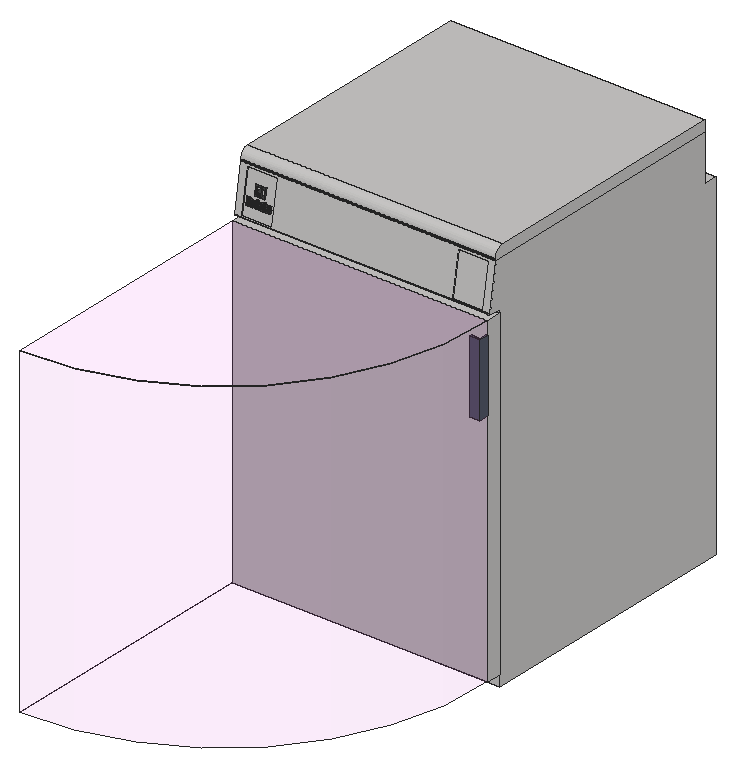
Revit family "QF_ELECTROLUXPROFESSIONAL_1LSNSP_TD6-10_G", category Attrezzature speciali, Revit 2021
Family settings
  Quota connettore circolare = Usa diametro
  Tipo di parte = Normale
  Basato su piano di lavoro = No
  Sempre verticale = Sì
  Taglio con vuoti quando caricato = No
  Condiviso = No
  Punto di calcolo locali = No
Parameters (values of type "9873530031")
  Weight = 99
  Watts = 400 W
  Volts = 230 V
  URL = "www.electroluxprofessional.com"
  Steam Pounds per Hour = 0
  Show Logo [instance] = yes
  Show Clearance [instance] = yes
  Sensible Heat Output = "0.0"
  Prospetto di default = 0 mm
  Produttore = "Electrolux Professional"
  Phase = 1
  Modello = "TD6-10"
  Length Actual = 720 mm
  Latent Heat Output = "0.0"
  Item Number = "1LA1CZ"
  Height Actual = 1115 mm
  Gas KW = 8
  Descrizione = "TUMBLE DRYER TD6-10 10KG GALVA.DRUM GAS GT 8KW 230/50/1N COMPASS PRO 6A81 2.I/O SILVER/SILVER DO.RIGHT ELS-NETW. PRE..."
  Depth Actual = 820 mm
  Cycle = 50 Hz
  Corrente [instance] = "1.9"
Types (4, lengths in mm): name | Weight | Item Number | Descrizione | Depth Actual
  (no name) | 99 | "1LA1CZ" | "TUMBLE DRYER TD6-10 10KG GALVA.DRUM GAS GT 8KW 230/50/1N COMPASS PRO 6A81 2.I/O SILVER/SILVER DO.RIGHT ELS-NETW. PRE..." | 820
  9873530020 | 101 | "1LA19E" | "TUMBLE DRYER TD6-10 10KG SST DRUM GAS 8KW 230/50/1N COMPASS PRO 6G81 SILVER/SILVER DO.RIGHT REVERSING RMC DISCON. EX..." | 805
  9873530021 | 99 | "1LSP3W" | "TUMBLE DRYER TD6-10 10KG GALVA.DRUM GAS 8KW 230/50/1N COMPASS PRO 6G81 SILVER/SILVER DO.RIGHT REVERSING RMC DISCON. ..." | 765
  9873530031 | 99 | "1LA1CZ" | "TUMBLE DRYER TD6-10 10KG GALVA.DRUM GAS GT 8KW 230/50/1N COMPASS PRO 6A81 2.I/O SILVER/SILVER DO.RIGHT ELS-NETW. PRE..." | 820
Reference planes
  plane 1 "Center X": y = 53.8
  plane 2: z = 0
  plane 3 "Centro (Sinistra/Destra)": x = -439
  plane 4 "BACK": y = 414.5
  plane 5 "LEFT": x = -799
  plane 6 "RIGHT": x = -79
  plane 7 "TOP": z = 1115
  plane 8: z = 544
  plane 9 "FRONT": y = -390.5
  plane 10: y = -1140.5
Forms (mm)
  Extrusion 1, solid, material "QF_Finishes_Stainless Steel"
    sketch origin (718.1, -398.1, 598.796) x (0, 0, -1) y (0, 1, 0)
      loop
        line (568.796, 812.6) -> (-356.204, 812.6) -> (-356.204, 50.485) -> (568.796, 50.485) -> (568.796, 812.6)
    from -1517.1 to -797.1
  Extrusion 2, solid, material "QF_Finishes_Stainless Steel"
    sketch origin (718.1, -398.1, 534.496) x (0, 0, -1) y (0, 1, 0)
      loop
        line (-550.504, 776.9) -> (-580.504, 776.9) -> (-580.504, 61.627)
        arc (-580.504, 61.627) -> (-573.182, 43.95) -> (-555.504, 36.627) r 25
        line (-555.504, 36.627) -> (-553.385, 36.627)
        arc (-553.385, 36.627) -> (-551.348, 37.471) -> (-550.504, 39.508) r 2.881
        line (-550.504, 39.508) -> (-550.504, 776.9)
    from -1517.1 to -797.1
  Extrusion 3, solid, material "QF_Finishes_Stainless Steel"
    sketch origin (653.591, 364.5, -144.635) x (0, 0, 1) y (1, 0, 0)
      loop
        circle (1079.611, -777.591) r 13.893
    from 14.3 to 50
  Extrusion 4, solid, material "QF_Finishes_Stainless Steel"
    sketch origin (591.705, 414.5, 23.818) x (0, 0, 1) y (1, 0, 0)
      loop
        circle (66.19, -1275.711) r 75
    from 0 to 5
  Extrusion 5, solid, material "QF_Finishes_Stainless Steel"
    sketch origin (-439, 0, 0) x (0, 1, 0) y (0, 0, 1)
      loop
        line (378.8, 955) -> (378.8, 1085) -> (-361.119, 1085) -> (-383.447, 958.374)
        arc (-383.447, 958.374) -> (-382.818, 956.027) -> (-380.615, 955) r 2.875
        line (-380.615, 955) -> (378.8, 955)
    from -360 to 360
  Extrusion 6, solid, material "QF_Finishes_Stainless Steel"
    sketch origin (0, 0, 1114.3) x (-1, 0, 0) y (0, -1, 0)
      loop
        line (799, -414.5) -> (799, 347.616) -> (79, 347.616) -> (79, -414.5) -> (799, -414.5)
    from -1114.3 to -1084.3
  Extrusion 7, solid, material "QF_Finishes_Stainless Steel"
    sketch origin (-439, -22.5, 0) x (0, 1, 0) y (0, 0, 1)
      loop
        line (-325.116, 946) -> (-368, 946) -> (-368, 30) -> (-325.116, 30) -> (-325.116, 946)
    from -360 to 360
  Extrusion 8, void
    sketch origin (-439, -390.5, 918.374) x (0, -0.173648, -0.984808) y (-1, 0, 0)
      loop
        line (-162.54, 340.421) -> (-162.54, 255.421) -> (-42.97, 255.421) -> (-42.97, 340.421) -> (-162.54, 340.421)
      loop
        line (-162.54, -340.421) -> (-42.97, -340.421) -> (-42.97, -255.421) -> (-162.54, -255.421) -> (-162.54, -340.421)
    from 0 to 1.6
  Extrusion 9, solid, material "QF_Finishes_Blue"
    sketch origin (0, -6.937, 234.875) x (1, 0, 0) y (0, 1, 0)
      loop
        line (-79, -383.563) -> (-84, -383.563) -> (-84, -405.022) -> (-106.5, -405.022) -> (-106.5, -410.022) -> (-79, -410.022) -> (-79, -383.563)
    from 469.719 to 673.137
  Extrusion 10, solid, material "QF_Finishes_Stainless Steel"
    sketch origin (718.1, 414.5, 69.6) x (0, 0, 1) y (1, 0, 0)
      loop
        circle (525.424, -877.1) r 13.893
    from 0 to 10
  Extrusion 11, solid, material "QF_Door-Drawer Clearances", visible <- "Show Clearance"
    sketch origin (0, -59.522, 0) x (1, 0, 0) y (0, 1, 0)
      loop
        line (-799, -330.978) -> (-799, -1080.978)
        arc (-799, -1080.978) -> (-274.863, -863.549) -> (-79, -330.978) r 707.588
        line (-79, -330.978) -> (-799, -330.978)
    from 30 to 946
Cuts and joins
  Extrusion 8 cuts Extrusion 1
  Extrusion 8 cuts Extrusion 5
  Extrusion 8 cuts Extrusion 6
  joined: Extrusion 1, Extrusion 5, Extrusion 6
Lines and regions (mm)
  Split face 1
    outline origin (-79, -361.119, 1085) x (-1, 0, 0) y (0, -0.173648, -0.984808)
      loop
        line (470, 13.377) -> (470, 124.524) -> (250, 124.524) -> (250, 13.377) -> (470, 13.377)
  symbolic lines
    curve 1: line (-79, 414.5, 1115) -> (-799, 414.5, 1115)
    curve 2: line (-799, -390.5, 1115) -> (-79, -390.5, 1115)
    curve 3: line (-79, 414.5, 0) -> (-79, -390.5, 0)
    curve 4: line (-799, 414.5, 0) -> (-799, -390.5, 0)
    curve 5: line (-84, -390.5, 0) -> (-84, -411.96, 0)
    curve 6: line (-79, -416.96, 0) -> (-79, -390.5, 0)
    curve 7: line (-106.5, -416.96, 0) -> (-79, -416.96, 0)
    curve 8: line (-106.5, -411.96, 0) -> (-106.5, -416.96, 0)
    curve 9: line (-84, -411.96, 0) -> (-106.5, -411.96, 0)
    curve 10: line (-79, 378.8, 0) -> (-799, 378.8, 0)
  symbolic lines, style "QF_Door-Drawer Clearances"
    curve 11: arc (-799, -1140.5, 0) -> (-274.863, -923.072, 0) -> (-79, -390.5, 0) r 707.588
    curve 12: line (-799, -390.5, 0) -> (-799, -1140.5, 0)
Dimensions and locks
  equal spacing: plane 5 "LEFT", plane 3 "Centro (Sinistra/Destra)", plane 6 "RIGHT"
  plane 5 "LEFT" to plane 6 "RIGHT" = 720 mm  (x2)
  plane 4 "BACK" to plane 1 "Center X" = 360.7 mm
  plane 7 "TOP" to level = 1115 mm  (x2)
  plane 4 "BACK" to plane 9 "FRONT" = 805 mm  (x2)
  plane 9 "FRONT" to plane 10 = 750 mm
  Extrusion 7 to cut or joined group of Extrusion 1, Extrusion 5, Extrusion 6, Extrusion 8 = 9 mm
  aligned and locked: level to plane 2
  aligned and locked: Extrusion 1 to plane 5 "LEFT"
  aligned and locked: plane 6 "RIGHT" to Extrusion 1
  aligned and locked: Extrusion 2 to plane 5 "LEFT"
  aligned and locked: plane 6 "RIGHT" to Extrusion 2
  aligned and locked: plane 6 "RIGHT" to Extrusion 5
  aligned and locked: Extrusion 5 to plane 5 "LEFT"
  aligned and locked: Extrusion 7 to plane 5 "LEFT"
  aligned and locked: plane 6 "RIGHT" to Extrusion 7
Automatic sketch dimensions
  level to Extrusion 4 sketch curve = 90.008 mm
  Extrusion 4 sketch curve to plane 3 "Centro (Sinistra/Destra)" = 245.005 mm
  Extrusion 1 sketch curve to plane 4 "BACK" = 0 mm
  Extrusion 1 sketch curve to plane 7 "TOP" = 160 mm
  level to Extrusion 1 sketch curve = 30 mm
  plane 9 "FRONT" to Extrusion 1 sketch curve = 42.884 mm
  Extrusion 2 sketch curve to plane 7 "TOP" = 0 mm
  Extrusion 2 sketch curve to plane 7 "TOP" = 25 mm
  Extrusion 2 sketch curve to Extrusion 2 sketch curve = 2.119 mm
  Extrusion 2 sketch curve to Extrusion 2 sketch curve = 2.881 mm
  plane 9 "FRONT" to Extrusion 2 sketch curve = 29.027 mm
  Extrusion 2 sketch curve to plane 4 "BACK" = 35.7 mm
  Extrusion 3 sketch curve to plane 6 "RIGHT" = 45 mm
  Extrusion 3 sketch curve to plane 7 "TOP" = 180.024 mm
  plane 9 "FRONT" to Extrusion 5 sketch curve = 7.053 mm
  plane 9 "FRONT" to Extrusion 5 sketch curve = 9.885 mm
  plane 9 "FRONT" to Extrusion 5 sketch curve = 29.381 mm
  Extrusion 5 sketch curve to plane 4 "BACK" = 35.7 mm
  Extrusion 5 sketch curve to plane 7 "TOP" = 160 mm
  Extrusion 5 sketch curve to Extrusion 5 sketch curve = 2.875 mm
  Extrusion 5 sketch curve to plane 7 "TOP" = 30 mm
  Extrusion 6 sketch curve to plane 4 "BACK" = 0 mm
  Extrusion 6 sketch curve to plane 6 "RIGHT" = 0 mm
  Extrusion 6 sketch curve to plane 5 "LEFT" = 0 mm
  plane 9 "FRONT" to Extrusion 6 sketch curve = 42.884 mm
  plane 9 "FRONT" to Extrusion 7 sketch curve = 0 mm
  Extrusion 7 sketch curve to Extrusion 7 sketch curve = 42.884 mm
  level to Extrusion 7 sketch curve = 30 mm
  Extrusion 7 sketch curve to plane 7 "TOP" = 169 mm
  Extrusion 8 sketch curve to Extrusion 5 = 6.656 mm  (x2)
  Extrusion 5 to Extrusion 8 sketch curve = 2.353 mm  (x2)
  Extrusion 8 sketch curve to Extrusion 5 = 19.579 mm  (x2)
  Extrusion 8 sketch curve to Extrusion 8 sketch curve = 85 mm
  Extrusion 8 sketch curve to Extrusion 5 = 104.579 mm
  Split face 1 sketch curve to cut or joined group of Extrusion 1, Extrusion 5, Extrusion 6, Extrusion 8 = 6.721 mm
  cut or joined group of Extrusion 1, Extrusion 5, Extrusion 6, Extrusion 8 to Split face 1 sketch curve = 145.421 mm  (x2)
  Split face 1 sketch curve to cut or joined group of Extrusion 1, Extrusion 5, Extrusion 6, Extrusion 8 = 1.702 mm
  Extrusion 9 sketch curve to plane 6 "RIGHT" = 0 mm
  Extrusion 9 sketch curve to plane 6 "RIGHT" = 5 mm
  Extrusion 9 sketch curve to Extrusion 9 sketch curve = 22.5 mm
  Extrusion 9 sketch curve to plane 9 "FRONT" = 26.46 mm
  Extrusion 9 sketch curve to Extrusion 9 sketch curve = 5 mm
  plane 9 "FRONT" to Extrusion 9 sketch curve = 0 mm
  Extrusion 10 sketch curve to Extrusion 10 sketch curve = 0 mm  (x2)
  Extrusion 1 to Extrusion 10 sketch curve = 80 mm
  Extrusion 1 to Extrusion 10 sketch curve = 359.976 mm
  Extrusion 10 sketch curve to Extrusion 10 sketch curve = 13.893 mm
  Extrusion 11 sketch curve to plane 5 "LEFT" = 0 mm
  Extrusion 11 sketch curve to plane 6 "RIGHT" = 0 mm
  Extrusion 11 sketch curve to plane 10 = 0 mm
  Extrusion 11 sketch curve to plane 9 "FRONT" = 0 mm
  plane 5 "LEFT" to Extrusion 11 sketch curve = 13.692 mm
  curve 2 to plane 6 "RIGHT" = 0 mm
  curve 1 to plane 4 "BACK" = 0 mm
  curve 1 to plane 6 "RIGHT" = 0 mm
  curve 2 to plane 5 "LEFT" = 0 mm
  curve 1 to plane 5 "LEFT" = 0 mm
  curve 2 to plane 9 "FRONT" = 0 mm
  curve 12 to plane 5 "LEFT" = 0 mm
  curve 6 to plane 6 "RIGHT" = 0 mm
  curve 10 to plane 6 "RIGHT" = 0 mm
  curve 11 to plane 10 = 0 mm
  curve 4 to plane 9 "FRONT" = 0 mm
  curve 11 to plane 9 "FRONT" = 0 mm
  curve 4 to plane 4 "BACK" = 0 mm
  curve 3 to plane 4 "BACK" = 0 mm
  plane 5 "LEFT" to curve 11 = 13.692 mm
  curve 9 to plane 6 "RIGHT" = 27.5 mm
  curve 9 to plane 6 "RIGHT" = 5 mm
  curve 7 to plane 9 "FRONT" = 26.46 mm
  curve 7 to curve 9 = 5 mm
  curve 5 to curve 6 = 0 mm
  curve 10 to plane 4 "BACK" = 35.7 mm
  radius of Extrusion 4 sketch curve = 75 mm
  radius of Extrusion 3 sketch curve = 13.893 mm
Nested families
  nested 1: "ELX_Logo_Professional" at (-736.921, -372.019, 1013.971) x (1, 0, 0) z (0, -0.9848, 0.1736), visible <- "Show Logo", type "ELX_Logo_Professional"
Connectors
  piping at (-684.005, 419.5, 90.008), diameter 150
    settings: on Extrusion 4, index 3, connector inside diameter 609.6 mm, connector length 0 mm, flow factor 0, pipe flow 0.0 L/s, pressure drop 0.0 Pa, fitting loss kfactor 0, connector angle 0.00°, fixture units 0, engagement length 0 mm, angle of deflection 0.00°, flow configuration 1, flow direction 2, fitting loss method 0, system type 8, joint type 0, gender type 0, connector reference index -1, connector utility 0, adjustable connector no, is connector primary yes, connector description "Exhaust Connection"
  electrical at (-124, 414.5, 934.976)
    settings: on Extrusion 3, index 4, voltage 0 V, apparent load 0 VA, apparent load phase1 0 VA, apparent load phase2 0 VA, apparent load phase3 0 VA, power factor 1, load classification "Other", number of poles 1, system type 30, power factor state 1, is connector primary yes, connector utility no, sub classification motor no, connector description "Electrical Connection"
  piping at (-159, 424.5, 595.024), diameter 27.8
    settings: on Extrusion 10, index 5, connector inside diameter 609.6 mm, connector length 0 mm, flow factor 0, pipe flow 0.0 L/s, pressure drop 0.0 Pa, fitting loss kfactor 0, connector angle 0.00°, fixture units 0, engagement length 0 mm, angle of deflection 0.00°, flow configuration 1, flow direction 1, fitting loss method 0, system type 22, joint type 0, gender type 0, connector reference index -1, connector utility 0, adjustable connector no, is connector primary no, connector description "Gas connection"
Definition of nested family "ELX_Logo_Professional"
  Parameters (values of type "ELX_Logo_Professional")
    materiale = none
    Default Elevation = 0 mm
  Reference planes
    plane 1 "Centro (Fronte/Retro)": y = 0
    plane 2: z = 0
    plane 3 "Centro (Sinistra/Destra)": x = 0
  Forms (mm)
    Extrusion 1, solid
      sketch origin (0, 0, 0) x (1, 0, 0) y (0, 1, 0)
        loop
          line (-1219.2, 1219.2) -> (-1219.2, -1219.2) -> (1219.2, -1219.2) -> (1219.2, 1219.2) -> (-1219.2, 1219.2)
      from 0 to -304.8
    Extrusion 2, solid, material <- "materiale"
      sketch origin (-144.622, -1081.55, 0) x (-1, 0, 0) y (0, -1, 0)
        loop
          line (-130.265, -1113.361) -> (-130.265, -1084.645) -> (-158.979, -1084.645) -> (-158.979, -1113.361) -> (-130.265, -1113.361)
        loop
          arc (-146.24, -1106.937) -> (-147.076, -1109.166) -> (-147.324, -1111.534) r 9.395
          arc (-147.324, -1111.534) -> (-145.139, -1111.806) -> (-142.939, -1111.706) r 13.008
          line (-142.939, -1111.706) -> (-141.329, -1111.382) -> (-139.8, -1110.859) -> (-138.364, -1110.152) -> (-137.035, -1109.277) -> (-135.826, -1108.249) -> (-134.751, -1107.081) -> (-133.821, -1105.789) -> (-133.05, -1104.389) -> (-132.452, -1102.893) -> (-132.039, -1101.318) -> (-131.824, -1099.675) -> (-134.539, -1099.675) -> (-136.155, -1099.784) -> (-137.741, -1100.101) -> (-139.277, -1100.613) -> (-140.74, -1101.304) -> (-142.111, -1102.159) -> (-143.367, -1103.165) -> (-144.488, -1104.306) -> (-145.453, -1105.568) -> (-146.24, -1106.937)
        loop
          line (-148.67, -1086.844) -> (-150.173, -1087.464) -> (-151.57, -1088.253) -> (-152.847, -1089.196) -> (-153.992, -1090.281) -> (-154.994, -1091.494) -> (-155.841, -1092.821) -> (-156.519, -1094.25) -> (-157.018, -1095.766) -> (-157.324, -1097.357) -> (-157.427, -1099.009) -> (-157.315, -1100.685) -> (-156.998, -1102.296) -> (-156.488, -1103.827) -> (-155.799, -1105.265) -> (-154.946, -1106.596) -> (-153.94, -1107.806) -> (-152.796, -1108.882) -> (-151.528, -1109.81) -> (-150.148, -1110.576) -> (-148.67, -1111.167) -> (-148.67, -1086.844)
        loop
          arc (-147.323, -1086.473) -> (-147.041, -1088.83) -> (-146.239, -1091.065) r 10.532
          line (-146.239, -1091.065) -> (-145.452, -1092.432) -> (-144.488, -1093.693) -> (-143.367, -1094.833) -> (-142.111, -1095.838) -> (-140.741, -1096.693) -> (-139.278, -1097.383) -> (-137.743, -1097.894) -> (-136.157, -1098.211) -> (-134.541, -1098.32) -> (-131.822, -1098.32) -> (-131.976, -1096.81) -> (-132.312, -1095.353) -> (-132.818, -1093.961) -> (-133.481, -1092.644) -> (-134.291, -1091.416) -> (-135.235, -1090.288) -> (-136.302, -1089.272) -> (-137.48, -1088.379) -> (-138.757, -1087.622) -> (-140.121, -1087.012) -> (-141.56, -1086.561) -> (-143.063, -1086.281) -> (-144.633, -1086.183)
          arc (-144.633, -1086.183) -> (-145.985, -1086.264) -> (-147.323, -1086.473) r 14.39
        loop
          line (-111.329, -1069.559) -> (-111.329, -1071.073) -> (-116.048, -1071.073) -> (-116.048, -1072.896) -> (-111.328, -1072.896) -> (-111.328, -1075.549) -> (-116.349, -1075.549) -> (-116.349, -1077.368) -> (-109.396, -1077.368) -> (-109.396, -1073.46) -> (-109.396, -1069.659)
          arc (-109.396, -1069.659) -> (-110.425, -1067.175) -> (-112.909, -1066.146) r 3.513
          line (-112.909, -1066.146) -> (-116.483, -1066.146) -> (-116.483, -1067.963) -> (-112.925, -1067.963)
          arc (-112.925, -1067.963) -> (-111.797, -1068.431) -> (-111.329, -1069.559) r 1.596
        loop
          line (-119.79, -1077.358) -> (-117.856, -1077.358) -> (-117.856, -1072.053) -> (-117.856, -1066.132) -> (-119.79, -1066.132) -> (-119.79, -1072.092) -> (-119.79, -1077.358)
        loop
          line (-122.986, -1069.718) -> (-129.327, -1069.718)
          arc (-129.327, -1069.718) -> (-129.219, -1071.449) -> (-128.497, -1073.026) r 4.757
          arc (-128.497, -1073.026) -> (-125.237, -1074.5) -> (-121.978, -1073.026) r 4.34
          arc (-121.978, -1073.026) -> (-121.072, -1070.207) -> (-121.978, -1067.388) r 4.838
          arc (-121.978, -1067.388) -> (-125.393, -1065.933) -> (-128.809, -1067.388) r 4.737
          line (-128.809, -1067.388) -> (-127.645, -1068.52)
          arc (-127.645, -1068.52) -> (-125.509, -1067.576) -> (-123.374, -1068.52) r 2.888
          arc (-123.374, -1068.52) -> (-123.05, -1069.077) -> (-122.986, -1069.718) r 1.527
        loop
          arc (-127.386, -1071.076) -> (-126.67, -1072.331) -> (-125.331, -1072.872) r 2.201
          arc (-125.331, -1072.872) -> (-123.848, -1072.402) -> (-123.033, -1071.076) r 2.23
          line (-123.033, -1071.076) -> (-127.386, -1071.076)
        loop
          line (-136.862, -1071.886) -> (-138.059, -1073.132)
          arc (-138.059, -1073.132) -> (-130.327, -1070.219) -> (-138.059, -1067.306) r 4.415
          line (-138.059, -1067.306) -> (-136.862, -1068.553)
          arc (-136.862, -1068.553) -> (-132.252, -1070.22) -> (-136.862, -1071.886) r 2.606
        loop
          line (-141.192, -1069.673) -> (-141.192, -1072.494) -> (-142.951, -1072.494) -> (-142.951, -1074.25) -> (-141.195, -1074.25) -> (-141.195, -1077.358) -> (-139.262, -1077.358) -> (-139.262, -1073.332) -> (-139.262, -1069.514)
          arc (-139.262, -1069.514) -> (-140.299, -1066.92) -> (-142.98, -1066.132) r 3.196
          line (-142.98, -1066.132) -> (-142.987, -1067.949)
          arc (-142.987, -1067.949) -> (-141.652, -1068.356) -> (-141.192, -1069.673) r 1.542
        loop
          line (-146.494, -1073.042) -> (-146.494, -1074.25) -> (-144.576, -1074.25) -> (-144.576, -1070.271) -> (-144.576, -1066.132) -> (-146.494, -1066.132) -> (-146.494, -1070.401)
          arc (-146.494, -1070.401) -> (-147.446, -1072.228) -> (-149.489, -1072.494) r 2.229
          line (-149.489, -1072.494) -> (-149.489, -1074.362)
          arc (-149.489, -1074.362) -> (-147.761, -1074.226) -> (-146.494, -1073.042) r 2.627
        loop
          line (-159.833, -1072.246) -> (-159.833, -1066.131) -> (-161.767, -1066.131) -> (-161.767, -1072.17) -> (-161.767, -1077.359) -> (-159.833, -1077.359) -> (-159.833, -1072.246)
        loop
          line (-165.194, -1069.514) -> (-165.194, -1074.25) -> (-163.245, -1074.25) -> (-163.245, -1071.898) -> (-163.245, -1069.098)
          arc (-163.245, -1069.098) -> (-166.96, -1065.769) -> (-170.687, -1069.085) r 3.745
          line (-170.687, -1069.085) -> (-170.687, -1071.898) -> (-170.687, -1074.25) -> (-168.739, -1074.25) -> (-168.739, -1069.514)
          arc (-168.739, -1069.514) -> (-166.967, -1067.742) -> (-165.194, -1069.514) r 1.772
        loop
          line (-174.654, -1070.416) -> (-172.975, -1068.078) -> (-171.578, -1066.131) -> (-173.656, -1066.131) -> (-175.717, -1068.999) -> (-177.779, -1066.131) -> (-179.857, -1066.131) -> (-178, -1068.728) -> (-176.781, -1070.433) -> (-178.29, -1072.488) -> (-179.583, -1074.25) -> (-177.473, -1074.25) -> (-175.717, -1071.818) -> (-173.945, -1074.25) -> (-171.852, -1074.25) -> (-173.052, -1072.608) -> (-174.654, -1070.416)
        loop
          circle (-154.223, -1070.188) r 2.508
        loop
          circle (-154.223, -1070.188) r 4.42
        loop
          line (-110.224, -1058.542) -> (-111.194, -1058.542)
          arc (-111.194, -1058.542) -> (-112.217, -1059.95) -> (-110.924, -1061.114) r 1.3
          line (-110.924, -1061.114) -> (-109.424, -1061.114) -> (-109.424, -1057.223) -> (-110.224, -1057.223) -> (-110.224, -1058.542)
        loop
          line (-110.224, -1060.379) -> (-110.224, -1059.293) -> (-111.03, -1059.293)
          arc (-111.03, -1059.293) -> (-111.43, -1059.836) -> (-111.03, -1060.379) r 0.569
          line (-111.03, -1060.379) -> (-110.224, -1060.379)
        loop
          line (-116.302, -1058.564) -> (-117.128, -1058.564) -> (-117.934, -1057.223) -> (-118.841, -1057.223) -> (-117.833, -1058.884)
          arc (-117.833, -1058.884) -> (-118.214, -1060.282) -> (-117.028, -1061.114) r 1.26
          line (-117.028, -1061.114) -> (-115.503, -1061.114) -> (-115.503, -1057.223) -> (-116.302, -1057.223) -> (-116.302, -1058.564)
        loop
          line (-116.302, -1060.379) -> (-116.302, -1059.293) -> (-117.109, -1059.293)
          arc (-117.109, -1059.293) -> (-117.508, -1059.836) -> (-117.109, -1060.379) r 0.569
          line (-117.109, -1060.379) -> (-116.302, -1060.379)
        loop
          line (-128.923, -1057.223) -> (-129.723, -1057.223) -> (-129.723, -1058.714) -> (-131.187, -1058.714) -> (-131.187, -1059.514) -> (-129.723, -1059.514) -> (-129.723, -1060.314) -> (-131.327, -1060.314) -> (-131.327, -1061.114) -> (-128.923, -1061.114) -> (-128.923, -1057.223)
        loop
          arc (-134.628, -1058.469) -> (-134.992, -1057.588) -> (-135.874, -1057.223) r 1.246
          line (-135.874, -1057.223) -> (-137.13, -1057.223) -> (-137.13, -1058.023) -> (-135.969, -1058.023)
          arc (-135.969, -1058.023) -> (-135.53, -1058.237) -> (-135.427, -1058.714) r 0.558
          line (-135.427, -1058.714) -> (-136.984, -1058.714) -> (-136.984, -1059.514) -> (-135.427, -1059.514) -> (-135.427, -1060.314) -> (-137.092, -1060.314) -> (-137.092, -1061.114) -> (-134.628, -1061.114) -> (-134.628, -1058.469)
        loop
          line (-152.3, -1057.223) -> (-153.1, -1057.223) -> (-153.1, -1061.114) -> (-152.3, -1061.114) -> (-152.3, -1057.223)
        loop
          line (-164.67, -1057.223) -> (-164.67, -1059.67) -> (-166.45, -1057.223) -> (-167.25, -1057.223) -> (-167.25, -1061.114) -> (-166.42, -1061.114) -> (-166.42, -1058.594) -> (-164.64, -1061.114) -> (-163.84, -1061.114) -> (-163.84, -1057.223) -> (-164.67, -1057.223)
        loop
          line (-170.403, -1057.223) -> (-171.262, -1057.223) -> (-171.641, -1058.063) -> (-173.08, -1058.063) -> (-173.459, -1057.223) -> (-174.317, -1057.223) -> (-172.796, -1061.113) -> (-171.996, -1061.113) -> (-170.403, -1057.223)
        loop
          line (-177.493, -1057.223) -> (-179.789, -1057.223) -> (-179.789, -1058.023) -> (-178.293, -1058.023) -> (-178.293, -1061.114) -> (-177.493, -1061.114) -> (-177.493, -1057.223)
        loop
          line (-172.362, -1059.848) -> (-171.945, -1058.83) -> (-172.76, -1058.83) -> (-172.362, -1059.848)
        loop
          circle (-158.484, -1059.145) r 1.288
        loop
          circle (-158.484, -1059.145) r 2.065
        loop
          arc (-146.04, -1058.095) -> (-146.933, -1057.275) -> (-148.145, -1057.245) r 1.725
          arc (-148.145, -1057.245) -> (-148.965, -1058.02) -> (-148.68, -1059.111) r 1.107
          arc (-148.68, -1059.111) -> (-148.103, -1059.465) -> (-147.486, -1059.746) r 5.523
          arc (-147.486, -1059.746) -> (-147.147, -1060.262) -> (-147.708, -1060.52) r 0.407
          arc (-147.708, -1060.52) -> (-148.045, -1060.315) -> (-148.325, -1060.038) r 1.702
          line (-148.325, -1060.038) -> (-149.011, -1060.45)
          arc (-149.011, -1060.45) -> (-148.578, -1060.911) -> (-148.043, -1061.247) r 2.463
          arc (-148.043, -1061.247) -> (-146.373, -1060.466) -> (-147.42, -1058.949) r 1.207
          spline (-147.42, -1058.949) -> (-147.716, -1058.809) -> (-147.932, -1058.678) -> (-148.077, -1058.557) -> (-148.163, -1058.446) -> (-148.198, -1058.347) -> (-148.192, -1058.258) -> (-148.157, -1058.182) -> (-148.102, -1058.118) -> (-148.037, -1058.068) -> (-147.972, -1058.031) -> (-147.917, -1058.008) -> (-147.883, -1058)
          arc (-147.883, -1058) -> (-147.238, -1058.014) -> (-146.759, -1058.446) r 0.925
          line (-146.759, -1058.446) -> (-146.04, -1058.095)
        loop
          arc (-140.18, -1058.095) -> (-141.073, -1057.275) -> (-142.285, -1057.245) r 1.725
          arc (-142.285, -1057.245) -> (-143.106, -1058.02) -> (-142.821, -1059.111) r 1.107
          arc (-142.821, -1059.111) -> (-142.243, -1059.465) -> (-141.627, -1059.746) r 5.523
          arc (-141.627, -1059.746) -> (-141.287, -1060.262) -> (-141.849, -1060.52) r 0.407
          arc (-141.849, -1060.52) -> (-142.185, -1060.315) -> (-142.466, -1060.038) r 1.702
          line (-142.466, -1060.038) -> (-143.151, -1060.45)
          arc (-143.151, -1060.45) -> (-142.719, -1060.911) -> (-142.183, -1061.247) r 2.463
          arc (-142.183, -1061.247) -> (-140.513, -1060.466) -> (-141.56, -1058.949) r 1.207
          spline (-141.56, -1058.949) -> (-141.856, -1058.809) -> (-142.072, -1058.678) -> (-142.218, -1058.557) -> (-142.303, -1058.446) -> (-142.338, -1058.347) -> (-142.333, -1058.258) -> (-142.298, -1058.182) -> (-142.242, -1058.118) -> (-142.177, -1058.068) -> (-142.112, -1058.031) -> (-142.057, -1058.008) -> (-142.023, -1058)
          arc (-142.023, -1058) -> (-141.378, -1058.014) -> (-140.9, -1058.446) r 0.925
          line (-140.9, -1058.446) -> (-140.18, -1058.095)
        loop
          circle (-123.484, -1059.145) r 1.288
        loop
          circle (-123.484, -1059.145) r 2.065
      from 0 to 1.6
  Dimensions and locks
    aligned and locked: plane 2 to Extrusion 1
    aligned and locked: level to Extrusion 1
